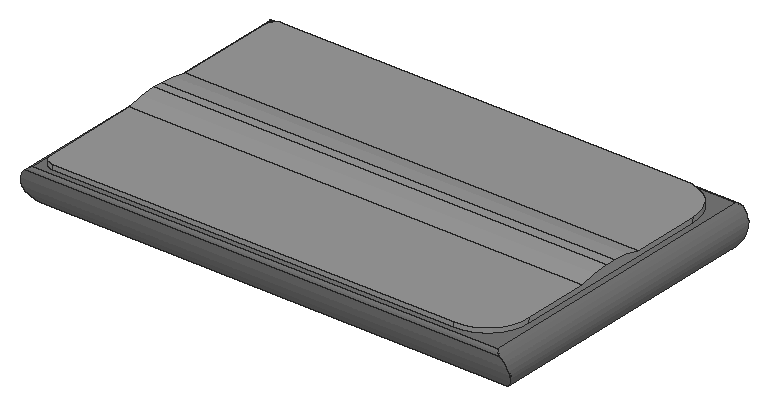
Revit family "Сканер планшетный формата А4", category Оборудование, Revit 2017
Family settings
  Размер круглого соединителя = Использовать диаметр
  Тип детали = Нормальный
  На основе рабочей плоскости = Нет
  Всегда вертикально = Да
  При загрузке вырезать с полостями = Нет
  Общий = Нет
  Точка расчета площади = Нет
Parameters (values of type "260 x 410 x 40 мм")
  Ширина = 410.0 mm
  Число полюсов = 1
  Примечание = ""
  Позиция = ""
  Обозначение = "FB1000"
  Напряжение = 220 V
  Наименование = "Планшетный сканер формата А4"
  Мощность номинальная = 30 W
  Масса = ""
  Код оборудования = ""
  Keynote = ""
  Изготовитель = "Severin"
  Задание = "ЭМ"
  Завод = "Avision"
  Единицы = "шт."
  Model = ""
  Глубина = 260.0 mm
  Высота = 40.0 mm
Reference planes
  plane 1 "По центру (Вперед/Назад)": y = 0
  plane 2: z = 0
  plane 3 "По центру (Влево/Вправо)": x = 0
  plane 4: x = -205
  plane 5: x = 205
  plane 6: y = -130
  plane 7: y = 130
  plane 8: z = 40
Forms (mm)
  Extrusion 1, solid, material "Сталь, окрашенная, темно-серая, матовая"
    sketch origin (0, 0, 0) x (1, 0, 0) y (0, 1, 0)
      loop
        line (-204.994, 129.997) -> (-204.994, -129.997) -> (204.994, -129.997) -> (204.994, 129.997) -> (-204.994, 129.997)
    from 31.585 to 0
  Extrusion 2, void
    sketch origin (0, 0, 0) x (1, 0, 0) y (0, 0, 1)
      loop
        arc (-195, 0) -> (-204.994, 15.792) -> (-195, 31.585) r 17.474
        line (-195, 31.585) -> (-215, 31.585) -> (-215, 0) -> (-195, 0)
    from 130 to -130
  Extrusion 3, void
    sketch origin (0, 0, 0) x (-1, 0, 0) y (0, 0, -1)
      loop
        line (-195, 0) -> (-215, 0) -> (-215, -31.585) -> (-195, -31.585)
        arc (-195, -31.585) -> (-204.994, -15.792) -> (-195, 0) r 17.474
    from 130 to -130
  Extrusion 4, void
    sketch origin (0, 0, 0) x (0, 1, 0) y (0, 0, 1)
      loop
        arc (-127.605, 28.73) -> (-126.769, 30.749) -> (-124.75, 31.585) r 2.855
        line (-124.75, 31.585) -> (-124.75, 32.545) -> (-138.501, 32.545) -> (-138.501, -1.454) -> (-113.975, -1.454)
        arc (-113.975, -1.454) -> (-123.425, 12.448) -> (-127.605, 28.73) r 48.864
    from 205 to -205
  Extrusion 5, void
    sketch origin (0, 0, 0) x (0, -1, 0) y (0, 0, -1)
      loop
        arc (-127.605, -28.73) -> (-123.425, -12.448) -> (-113.975, 1.454) r 48.864
        line (-113.975, 1.454) -> (-138.501, 1.454) -> (-138.501, -32.545) -> (-124.75, -32.545) -> (-124.75, -31.585)
        arc (-124.75, -31.585) -> (-126.769, -30.749) -> (-127.605, -28.73) r 2.855
    from 205 to -205
  Extrusion 6, solid, material "Пластмасса, непрозрачная, белая"
    sketch origin (0, 0, 0) x (1, 0, 0) y (0, 1, 0)
      loop
        arc (-189.994, -111.916) -> (-187.316, -118.382) -> (-180.851, -121.06) r 9.144
        line (-180.851, -121.06) -> (154.981, -121.06)
        arc (154.981, -121.06) -> (179.86, -110.755) -> (190.165, -85.876) r 35.184
        line (190.165, -85.876) -> (190.165, 85.916)
        arc (190.165, 85.916) -> (179.846, 110.769) -> (154.981, 121.06) r 35.184
        line (154.981, 121.06) -> (-180.851, 121.06)
        arc (-180.851, 121.06) -> (-187.316, 118.382) -> (-189.994, 111.916) r 9.144
        line (-189.994, 111.916) -> (-189.994, -111.916)
    from 40 to 32.405
  Extrusion 7, void
    sketch origin (0, 0, 0) x (0, 1, 0) y (0, 0, 1)
      loop
        line (121.06, 40) -> (121.06, 47.183) -> (-121.06, 47.183) -> (-121.06, 40) -> (-121.06, 36.202) -> (-29.367, 36.202)
        arc (-29.367, 36.202) -> (-14.825, 39.194) -> (0, 40) r 100.027
        arc (0, 40) -> (14.825, 39.194) -> (29.367, 36.202) r 100.027
        line (29.367, 36.202) -> (121.06, 36.202) -> (121.06, 40)
    from 228.682 to -232.658
  Extrusion 8, void
    sketch origin (0, 0, 0) x (0, 1, 0) y (0, 0, 1)
      loop
        arc (28.327, 33.485) -> (14.3, 36.368) -> (0, 37.137) r 96.227
        arc (0, 37.137) -> (-14.159, 36.386) -> (-28.053, 33.562) r 96.227
        line (-28.053, 33.562) -> (-28.053, 32.366) -> (28.327, 32.366) -> (28.327, 33.485)
    from -108.403 to -240.804
  Extrusion 9, solid, material "Пластмасса, непрозрачная, белая"
    sketch origin (0, 0, 0) x (0, 1, 0) y (0, 0, 1)
      loop
        line (0, 19.514) -> (-11.717, 19.514)
        arc (-11.717, 19.514) -> (-12.811, 15.682) -> (-11.717, 11.851) r 7.256
        line (-11.717, 11.851) -> (0, 11.851) -> (11.717, 11.851)
        arc (11.717, 11.851) -> (12.811, 15.682) -> (11.717, 19.514) r 7.256
        line (11.717, 19.514) -> (0, 19.514)
      loop
        line (-31.686, 11.851) -> (-12.868, 11.851)
        arc (-12.868, 11.851) -> (-13.811, 15.682) -> (-12.868, 19.514) r 8.256
        line (-12.868, 19.514) -> (-31.686, 19.514)
        arc (-31.686, 19.514) -> (-35.517, 15.682) -> (-31.686, 11.851) r 3.831
      loop
        arc (31.686, 11.851) -> (35.517, 15.682) -> (31.686, 19.514) r 3.831
        line (31.686, 19.514) -> (12.868, 19.514)
        arc (12.868, 19.514) -> (13.811, 15.682) -> (12.868, 11.851) r 8.256
        line (12.868, 11.851) -> (31.686, 11.851)
    from -189.994 to -205.166
Cuts and joins
  Extrusion 2, Extrusion 3, Extrusion 4, Extrusion 5, Extrusion 8 cuts Extrusion 1
  Extrusion 7, Extrusion 8 cuts Extrusion 6
Lines and regions (mm)
  symbolic lines, style "MechanicalEquipment", detail levels coarse
    curve 1: line (-204.994, 129.997, 0) -> (204.994, 129.997, 0)
    curve 2: line (-204.994, -129.997, 0) -> (-204.994, 129.997, 0)
    curve 3: line (204.994, -129.997, 0) -> (-204.994, -129.997, 0)
    curve 4: line (204.994, 129.997, 0) -> (204.994, -129.997, 0)
Dimensions and locks
  equal spacing: plane 4, plane 3 "По центру (Влево/Вправо)", plane 5
  "Ширина": plane 4 to plane 5
  equal spacing: plane 6, plane 1 "По центру (Вперед/Назад)", plane 7
  "Глубина": plane 6 to plane 7
  "Высота": plane 8 to level
  aligned and locked: level to plane 2
  aligned and locked: Extrusion 2 to plane 6
  aligned and locked: Extrusion 2 to plane 7
Automatic sketch dimensions
  plane 6 to curve 3 = 0.003 mm
  curve 3 to plane 4 = 0.006 mm
  curve 3 to plane 5 = 0.006 mm
  plane 7 to curve 2 = 0.003 mm
  plane 6 to Extrusion 1 sketch curve = 0.003 mm
  Extrusion 1 sketch curve to plane 4 = 0.006 mm
  Extrusion 1 sketch curve to plane 5 = 0.006 mm
  plane 7 to Extrusion 1 sketch curve = 0.003 mm
  Extrusion 2 sketch curve to level = 0.0 mm
  plane 4 to Extrusion 2 sketch curve = 10.0 mm
  Extrusion 2 sketch curve to plane 4 = 10.0 mm  (x2)
  Extrusion 2 sketch curve to Extrusion 2 sketch curve = 7.48 mm
  level to Extrusion 2 sketch curve = 15.792 mm
  Extrusion 3 sketch curve to level = 0.0 mm
  Extrusion 3 sketch curve to plane 5 = 10.0 mm
  plane 5 to Extrusion 3 sketch curve = 10.0 mm  (x2)
  Extrusion 3 sketch curve to Extrusion 3 sketch curve = 7.48 mm
  Extrusion 3 sketch curve to level = 15.792 mm
  Extrusion 4 sketch curve to level = 1.454 mm
  Extrusion 4 sketch curve to plane 6 = 8.501 mm
  plane 6 to Extrusion 4 sketch curve = 5.25 mm
  plane 6 to Extrusion 4 sketch curve = 16.025 mm
  plane 8 to Extrusion 4 sketch curve = 7.442 mm
  Extrusion 4 sketch curve to Extrusion 4 sketch curve = 45.859 mm
  plane 8 to Extrusion 4 sketch curve = 11.27 mm
  Extrusion 4 sketch curve to Extrusion 4 sketch curve = 0.96 mm
  level to Extrusion 5 sketch curve = 1.454 mm
  plane 7 to Extrusion 5 sketch curve = 8.501 mm
  Extrusion 5 sketch curve to plane 7 = 5.25 mm
  Extrusion 5 sketch curve to plane 7 = 16.025 mm
  Extrusion 5 sketch curve to plane 8 = 7.442 mm
  Extrusion 5 sketch curve to Extrusion 5 sketch curve = 45.859 mm
  Extrusion 5 sketch curve to plane 8 = 11.27 mm
  Extrusion 5 sketch curve to Extrusion 5 sketch curve = 0.96 mm
  Extrusion 6 sketch curve to plane 4 = 15.006 mm
  Extrusion 6 sketch curve to Extrusion 6 sketch curve = 9.144 mm  (x2)
  plane 6 to Extrusion 6 sketch curve = 8.94 mm
  Extrusion 6 sketch curve to plane 5 = 50.019 mm  (x2)
  Extrusion 6 sketch curve to plane 5 = 14.835 mm
  plane 7 to Extrusion 6 sketch curve = 44.124 mm
  plane 7 to Extrusion 6 sketch curve = 18.084 mm
  plane 8 to Extrusion 7 sketch curve = 0.0 mm  (x3)
  Extrusion 7 sketch curve to plane 1 "По центру (Вперед/Назад)" = 0.0 mm
  plane 1 "По центру (Вперед/Назад)" to Extrusion 7 sketch curve = 1.996 mm
  plane 8 to Extrusion 7 sketch curve = 3.798 mm  (x2)
  plane 1 "По центру (Вперед/Назад)" to Extrusion 7 sketch curve = 29.367 mm
  plane 6 to Extrusion 7 sketch curve = 8.94 mm
  Extrusion 7 sketch curve to plane 1 "По центру (Вперед/Назад)" = 1.996 mm
  Extrusion 7 sketch curve to plane 1 "По центру (Вперед/Назад)" = 29.367 mm
  plane 7 to Extrusion 7 sketch curve = 8.94 mm
  Extrusion 7 sketch curve to plane 8 = 7.183 mm
  Extrusion 8 sketch curve to plane 1 "По центру (Вперед/Назад)" = 0.0 mm
  plane 1 "По центру (Вперед/Назад)" to Extrusion 8 sketch curve = 1.996 mm
  Extrusion 8 sketch curve to plane 1 "По центру (Вперед/Назад)" = 1.996 mm
  plane 8 to Extrusion 8 sketch curve = 7.634 mm
  Extrusion 8 sketch curve to level = 59.07 mm
  Extrusion 8 sketch curve to Extrusion 8 sketch curve = 0.0 mm
  Extrusion 8 sketch curve to Extrusion 8 sketch curve = 1.119 mm
  plane 8 to Extrusion 8 sketch curve = 6.438 mm
  plane 1 "По центру (Вперед/Назад)" to Extrusion 8 sketch curve = 28.053 mm
  Extrusion 9 sketch curve to plane 1 "По центру (Вперед/Назад)" = 0.0 mm  (x2)
  plane 1 "По центру (Вперед/Назад)" to Extrusion 9 sketch curve = 5.555 mm
  Extrusion 9 sketch curve to Extrusion 9 sketch curve = 26.131 mm  (x2)
  Extrusion 9 sketch curve to plane 1 "По центру (Вперед/Назад)" = 5.555 mm
  Extrusion 9 sketch curve to Extrusion 9 sketch curve = 3.831 mm  (x2)
  Extrusion 9 sketch curve to Extrusion 9 sketch curve = 0.0 mm  (x5)
  Extrusion 9 sketch curve to Extrusion 9 sketch curve = 1.151 mm  (x6)
  Extrusion 9 sketch curve to Extrusion 9 sketch curve = 6.162 mm
  Extrusion 9 sketch curve to Extrusion 9 sketch curve = 7.313 mm
  level to Extrusion 9 sketch curve = 11.851 mm
Connectors
  electrical at (0, 0, 0), driven by "Число полюсов", driven by "Напряжение"
    settings: on cut or joined group of Extrusion 1, Extrusion 2, Extrusion 3, Extrusion 4, Extrusion 5, Extrusion 8, index 1, voltage 220 V, apparent load 1 VA, apparent load phase1 0 VA, apparent load phase2 0 VA, apparent load phase3 0 VA, power factor 1, load classification "Прочее", number of poles 1, system type 30, power factor state 1, is connector primary yes, connector utility no, sub classification motor no, connector description ""
